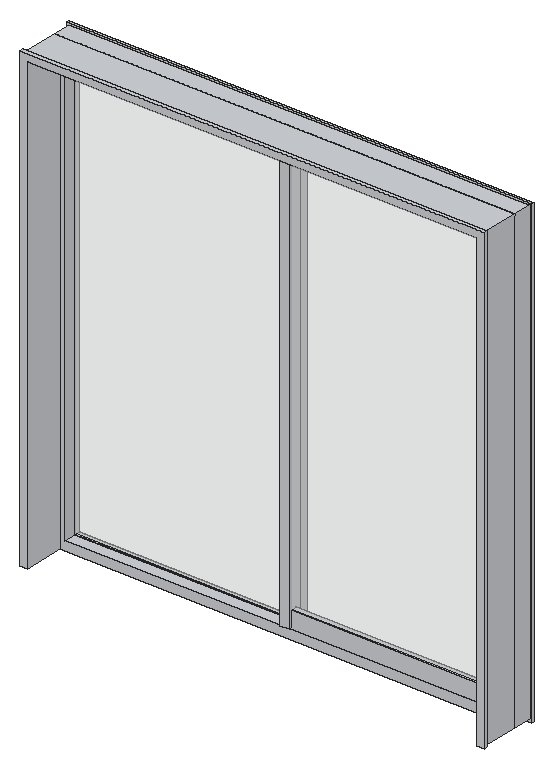
Revit family "APL Residential Thermal Heart Sliding Door SF", category Doors, host Wall, Revit 2017 (continued)
Definition of nested family "APL Residential Thermal Heart Sliding Door SF Vertical Section"
  Definition of nested family "Sill Two Panel"
    Definition of nested family "65470_Door Sill Rail"
      Text (mm)
        text "65470" at (43.128, 87.494, 0), in view "Ref. Level"
    Definition of nested family "65380_Frame Sill"
      Reference planes
        plane 1 "Center (Front/Back)": y = 0
        plane 2: z = 0
        plane 3 "Center (Left/Right)": x = 0
      Lines and regions (mm)
        detail lines, in view "Ref. Level"
          curve 1: line (64.2, 16.468, 0) -> (65.701, 16.468, 0)
          curve 2: line (64.2, 22.468, 0) -> (65.7, 22.468, 0)
          curve 3: line (27.5, 8.7, 0) -> (29.442, 8.7, 0)
          curve 4: line (27.5, 14.7, 0) -> (29.4, 14.7, 0)
          curve 5: line (13.3, 8.6, 0) -> (15.2, 8.6, 0)
          curve 6: line (13.3, 14.6, 0) -> (15.2, 14.6, 0)
          curve 7: arc (10.8, 6.498, 0) -> (11.356, 7.843, 0) -> (12.7, 8.4, 0) r 1.9
          curve 8: arc (13.1, 8.4, 0) -> (13.241, 8.459, 0) -> (13.3, 8.6, 0) r 0.2
          curve 9: arc (13.3, 15.4, 0) -> (13.241, 15.542, 0) -> (13.1, 15.6, 0) r 0.2
          curve 10: arc (11, 15.6, 0) -> (10.859, 15.659, 0) -> (10.8, 15.8, 0) r 0.2
          curve 11: arc (10.8, 16.283, 0) -> (10.741, 16.425, 0) -> (10.6, 16.483, 0) r 0.2
          curve 12: arc (1.9, 16.483, 0) -> (1.546, 16.337, 0) -> (1.4, 15.983, 0) r 0.5
          curve 13: arc (1.4, 2.245, 0) -> (1.521, 1.632, 0) -> (1.869, 1.111, 0) r 1.6
          curve 14: arc (6.387, -3.407, 0) -> (6.711, -3.624, 0) -> (7.094, -3.7, 0) r 1
          curve 15: arc (9.8, -3.7, 0) -> (10.507, -3.407, 0) -> (10.8, -2.7, 0) r 1
          curve 16: arc (1.665, 23.622, 0) -> (1.729, 23.522, 0) -> (1.725, 23.403, 0) r 0.2
          curve 17: arc (1.725, 23.403, 0) -> (1.621, 23.234, 0) -> (1.453, 23.127, 0) r 0.45
          curve 18: arc (1.453, 23.127, 0) -> (1.357, 23.053, 0) -> (1.322, 22.936, 0) r 0.2
          curve 19: arc (1.379, 18.081, 0) -> (1.438, 17.941, 0) -> (1.579, 17.883, 0) r 0.2
          curve 20: arc (10.6, 17.883, 0) -> (10.741, 17.942, 0) -> (10.8, 18.083, 0) r 0.2
          curve 21: arc (10.8, 22.172, 0) -> (10.773, 22.272, 0) -> (10.7, 22.346, 0) r 0.2
          curve 22: arc (9.6, 22.981, 0) -> (9.38, 23.2, 0) -> (9.3, 23.5, 0) r 0.6
          curve 23: arc (9.3, 23.8, 0) -> (9.359, 23.942, 0) -> (9.5, 24, 0) r 0.2
          curve 24: arc (13.617, 24, 0) -> (13.922, 23.801, 0) -> (14.195, 24.043, 0) r 0.3
          curve 25: arc (14.195, 24.043, 0) -> (14.261, 24.181, 0) -> (14.387, 24.269, 0) r 0.3
          curve 26: arc (15.797, 24.782, 0) -> (16.083, 24.738, 0) -> (16.199, 24.474, 0) r 0.3
          curve 27: arc (15.992, 22.109, 0) -> (15.965, 22.008, 0) -> (15.905, 21.923, 0) r 0.3
          curve 28: arc (15.541, 21.559, 0) -> (15.348, 21.507, 0) -> (15.207, 21.648, 0) r 0.2
          curve 29: arc (15.162, 21.816, 0) -> (15.11, 21.905, 0) -> (15.021, 21.957, 0) r 0.2
          curve 30: arc (12.8, 22.5, 0) -> (12.52, 22.307, 0) -> (12.6, 21.977, 0) r 0.3
          curve 31: arc (12.6, 21.977, 0) -> (12.674, 21.875, 0) -> (12.7, 21.753, 0) r 0.3
          curve 32: arc (12.506, 17.75, 0) -> (12.542, 17.578, 0) -> (12.7, 17.5, 0) r 0.2
          curve 33: arc (13.221, 17.5, 0) -> (13.302, 17.511, 0) -> (13.377, 17.544, 0) r 0.3
          curve 34: arc (14.631, 18.309, 0) -> (14.628, 18.479, 0) -> (14.734, 18.611, 0) r 0.25
          curve 35: arc (14.82, 18.664, 0) -> (15.072, 18.668, 0) -> (15.2, 18.45, 0) r 0.25
          curve 36: arc (15.2, 8.6, 0) -> (15.259, 8.459, 0) -> (15.4, 8.4, 0) r 0.2
          curve 37: arc (16.479, 8.4, 0) -> (16.643, 8.315, 0) -> (16.667, 8.132, 0) r 0.2
          curve 38: arc (15.775, 5.682, 0) -> (15.702, 5.586, 0) -> (15.587, 5.55, 0) r 0.2
          curve 39: arc (15.353, 5.55, 0) -> (15.248, 5.52, 0) -> (15.174, 5.439, 0) r 0.2
          curve 40: arc (15.174, 5.439, 0) -> (15.019, 5.31, 0) -> (14.82, 5.337, 0) r 0.25
          curve 41: arc (14.734, 5.389, 0) -> (14.628, 5.521, 0) -> (14.631, 5.691, 0) r 0.25
          curve 42: arc (13.377, 6.456, 0) -> (13.302, 6.489, 0) -> (13.221, 6.5, 0) r 0.3
          curve 43: arc (12.7, 6.5, 0) -> (12.542, 6.423, 0) -> (12.506, 6.25, 0) r 0.2
          curve 44: arc (12.7, 2.247, 0) -> (12.674, 2.125, 0) -> (12.6, 2.024, 0) r 0.3
          curve 45: arc (12.6, 2.024, 0) -> (12.52, 1.693, 0) -> (12.8, 1.5, 0) r 0.3
          curve 46: arc (15.021, 2.043, 0) -> (15.11, 2.095, 0) -> (15.162, 2.185, 0) r 0.2
          curve 47: arc (15.207, 2.352, 0) -> (15.348, 2.493, 0) -> (15.541, 2.442, 0) r 0.2
          curve 48: arc (15.905, 2.078, 0) -> (15.965, 1.993, 0) -> (15.992, 1.892, 0) r 0.3
          curve 49: arc (16.199, -0.474, 0) -> (16.083, -0.738, 0) -> (15.797, -0.782, 0) r 0.3
          curve 50: arc (14.387, -0.268, 0) -> (14.261, -0.181, 0) -> (14.195, -0.043, 0) r 0.3
          curve 51: arc (14.195, -0.043, 0) -> (13.922, 0.199, 0) -> (13.617, 0, 0) r 0.3
          curve 52: arc (12.6, 0, 0) -> (12.459, -0.058, 0) -> (12.4, -0.2, 0) r 0.2
          curve 53: arc (12.4, -2.696, 0) -> (11.64, -4.537, 0) -> (9.8, -5.3, 0) r 2.6
          curve 54: arc (7.9, -5.3, 0) -> (7.547, -5.446, 0) -> (7.4, -5.8, 0) r 0.5
          curve 55: arc (7.4, -13.402, 0) -> (7.508, -13.581, 0) -> (7.716, -13.566, 0) r 0.2
          curve 56: arc (7.716, -13.566, 0) -> (8.721, -13.692, 0) -> (8.684, -14.705, 0) r 0.75
          curve 57: arc (8.684, -14.705, 0) -> (8.15, -16.005, 0) -> (8.684, -17.305, 0) r 1.85
          curve 58: arc (8.684, -17.305, 0) -> (8.794, -17.447, 0) -> (8.867, -17.611, 0) r 0.75
          curve 59: arc (8.867, -17.611, 0) -> (8.97, -17.795, 0) -> (9.14, -17.921, 0) r 0.5
          curve 60: arc (9.14, -17.921, 0) -> (10, -18.105, 0) -> (10.86, -17.921, 0) r 2.1
          curve 61: arc (10.86, -17.921, 0) -> (11.03, -17.795, 0) -> (11.133, -17.611, 0) r 0.5
          curve 62: arc (11.133, -17.611, 0) -> (11.206, -17.447, 0) -> (11.316, -17.305, 0) r 0.75
          curve 63: arc (11.316, -17.305, 0) -> (11.85, -16.005, 0) -> (11.316, -14.705, 0) r 1.85
          curve 64: arc (11.316, -14.705, 0) -> (11.323, -13.644, 0) -> (12.384, -13.651, 0) r 0.75
          curve 65: arc (12.384, -13.651, 0) -> (13.348, -15.881, 0) -> (12.551, -18.176, 0) r 3.35
          curve 66: arc (12.551, -18.176, 0) -> (12.478, -18.71, 0) -> (12.932, -19, 0) r 0.5
          curve 67: arc (13.15, -19, 0) -> (13.291, -19.058, 0) -> (13.35, -19.2, 0) r 0.2
          curve 68: arc (13.35, -19.5, 0) -> (13.204, -19.853, 0) -> (12.85, -20, 0) r 0.5
          curve 69: arc (7, -20, 0) -> (6.293, -19.707, 0) -> (6, -19, 0) r 1
          curve 70: arc (6, -6.242, 0) -> (5.772, -5.094, 0) -> (5.121, -4.121, 0) r 3
          curve 71: arc (0.879, 0.122, 0) -> (0.228, 1.095, 0) -> (0, 2.243, 0) r 3
          curve 72: arc (0, 23.8, 0) -> (0.059, 23.942, 0) -> (0.2, 24, 0) r 0.2
          curve 73: line (10.8, -2.7, 0) -> (10.8, 6.498, 0)
          curve 74: line (12.7, 8.4, 0) -> (13.1, 8.4, 0)
          curve 75: line (13.1, 15.6, 0) -> (11, 15.6, 0)
          curve 76: line (10.8, 15.8, 0) -> (10.8, 16.283, 0)
          curve 77: line (10.6, 16.483, 0) -> (1.9, 16.483, 0)
          curve 78: line (1.4, 15.983, 0) -> (1.4, 2.245, 0)
          curve 79: line (1.869, 1.111, 0) -> (6.387, -3.407, 0)
          curve 80: line (7.094, -3.7, 0) -> (9.8, -3.7, 0)
          curve 81: line (1.322, 22.936, 0) -> (1.379, 18.081, 0)
          curve 82: line (1.579, 17.883, 0) -> (10.6, 17.883, 0)
          curve 83: line (10.8, 18.083, 0) -> (10.8, 22.172, 0)
          curve 84: line (10.7, 22.346, 0) -> (9.6, 22.981, 0)
          curve 85: line (9.3, 23.5, 0) -> (9.3, 23.8, 0)
          curve 86: line (9.5, 24, 0) -> (13.617, 24, 0)
          curve 87: line (14.387, 24.269, 0) -> (15.797, 24.782, 0)
          curve 88: line (16.199, 24.474, 0) -> (15.992, 22.109, 0)
          curve 89: line (15.905, 21.923, 0) -> (15.541, 21.559, 0)
          curve 90: line (15.207, 21.648, 0) -> (15.162, 21.816, 0)
          curve 91: line (15.021, 21.957, 0) -> (13.032, 22.49, 0)
          curve 92: line (12.7, 21.753, 0) -> (12.7, 18.526, 0)
          curve 93: line (12.7, 18.5, 0) -> (12.506, 17.75, 0)
          curve 94: line (12.7, 17.5, 0) -> (13.221, 17.5, 0)
          curve 95: line (13.377, 17.544, 0) -> (14.631, 18.309, 0)
          curve 96: line (15.2, 18.45, 0) -> (15.2, 16.875, 0)
          curve 97: line (15.2, 16.875, 0) -> (15.2, 8.6, 0)
          curve 98: line (15.2, 8.6, 0) -> (13.3, 8.6, 0)
          curve 99: line (13.3, 8.6, 0) -> (13.3, 15.4, 0)
          curve 100: line (15.4, 8.4, 0) -> (16.479, 8.4, 0)
          curve 101: line (16.667, 8.132, 0) -> (15.775, 5.682, 0)
          curve 102: line (15.587, 5.55, 0) -> (15.353, 5.55, 0)
          curve 103: line (14.631, 5.691, 0) -> (13.377, 6.456, 0)
          curve 104: line (13.221, 6.5, 0) -> (12.7, 6.5, 0)
          curve 105: line (12.506, 6.25, 0) -> (12.7, 5.5, 0)
          curve 106: line (12.7, 5.475, 0) -> (12.7, 2.247, 0)
          curve 107: line (13.032, 1.51, 0) -> (15.021, 2.043, 0)
          curve 108: line (15.162, 2.185, 0) -> (15.207, 2.352, 0)
          curve 109: line (15.541, 2.442, 0) -> (15.905, 2.078, 0)
          curve 110: line (15.992, 1.892, 0) -> (16.199, -0.474, 0)
          curve 111: line (15.797, -0.782, 0) -> (14.387, -0.268, 0)
          curve 112: line (13.617, 0, 0) -> (12.6, 0, 0)
          curve 113: line (12.4, -0.2, 0) -> (12.4, -2.696, 0)
          curve 114: line (9.8, -5.3, 0) -> (7.9, -5.3, 0)
          curve 115: line (7.4, -5.8, 0) -> (7.4, -13.402, 0)
          curve 116: line (12.932, -19, 0) -> (13.15, -19, 0)
          curve 117: line (13.35, -19.2, 0) -> (13.35, -19.5, 0)
          curve 118: line (12.85, -20, 0) -> (7, -20, 0)
          curve 119: line (6, -19, 0) -> (6, -6.242, 0)
          curve 120: line (5.121, -4.121, 0) -> (0.879, 0.122, 0)
          curve 121: line (0, 2.243, 0) -> (0, 23.8, 0)
          curve 122: line (0.2, 24, 0) -> (1.141, 24, 0)
          curve 123: line (1.269, 23.953, 0) -> (1.665, 23.622, 0)
          curve 124: line (13.3, 14.6, 0) -> (15.2, 14.6, 0)
          curve 125: arc (64.2, 16.468, 0) -> (64.076, 16.138, 0) -> (63.765, 15.972, 0) r 0.5
          curve 126: arc (63.765, 15.972, 0) -> (62.349, 15.442, 0) -> (61.309, 14.343, 0) r 3.35
          curve 127: arc (61.309, 14.343, 0) -> (61.577, 13.317, 0) -> (62.604, 13.585, 0) r 0.75
          curve 128: arc (62.604, 13.585, 0) -> (63.721, 14.437, 0) -> (65.115, 14.258, 0) r 1.85
          curve 129: arc (65.115, 14.258, 0) -> (65.281, 14.189, 0) -> (65.459, 14.161, 0) r 0.75
          curve 130: arc (65.459, 14.161, 0) -> (65.663, 14.108, 0) -> (65.828, 13.977, 0) r 0.5
          curve 131: arc (65.828, 13.977, 0) -> (66.3, 12.65, 0) -> (65.828, 11.324, 0) r 2.1
          curve 132: arc (65.828, 11.324, 0) -> (65.663, 11.192, 0) -> (65.459, 11.14, 0) r 0.5
          curve 133: arc (65.459, 11.14, 0) -> (65.281, 11.112, 0) -> (65.115, 11.042, 0) r 0.75
          curve 134: arc (65.115, 11.042, 0) -> (64.2, 10.8, 0) -> (63.285, 11.042, 0) r 1.85
          curve 135: arc (63.285, 11.042, 0) -> (62.738, 11.119, 0) -> (62.286, 10.8, 0) r 0.75
          curve 136: arc (39.189, 9.622, 0) -> (38.199, 9.316, 0) -> (37.363, 8.704, 0) r 3.126
          curve 137: arc (37.363, 8.704, 0) -> (37.013, 8.479, 0) -> (36.605, 8.4, 0) r 1.1
          curve 138: arc (29.901, 8.4, 0) -> (29.547, 8.546, 0) -> (29.4, 8.9, 0) r 0.5
          curve 139: arc (29.4, 22, 0) -> (29.546, 22.354, 0) -> (29.9, 22.5, 0) r 0.5
          curve 140: arc (44.4, 22.5, 0) -> (45.602, 22.998, 0) -> (46.1, 24.2, 0) r 1.7
          curve 141: arc (46.147, 35.534, 0) -> (46.409, 35.986, 0) -> (46.5, 36.5, 0) r 1.5
          curve 142: arc (46.5, 41.1, 0) -> (46.646, 41.454, 0) -> (47, 41.6, 0) r 0.5
          curve 143: arc (65.699, 41.6, 0) -> (66.053, 41.454, 0) -> (66.2, 41.1, 0) r 0.5
          curve 144: arc (66.2, 32, 0) -> (65.978, 30.526, 0) -> (65.33, 29.183, 0) r 5
          curve 145: arc (65.33, 29.183, 0) -> (64.489, 27.436, 0) -> (64.2, 25.519, 0) r 6.5
          curve 146: arc (27.317, 8.501, 0) -> (27.447, 8.565, 0) -> (27.5, 8.7, 0) r 0.2
          curve 147: arc (23.754, 8.189, 0) -> (23.602, 8.097, 0) -> (23.583, 7.922, 0) r 0.2
          curve 148: arc (24.399, 5.679, 0) -> (24.668, 5.392, 0) -> (25.06, 5.388, 0) r 0.5
          curve 149: arc (25.06, 5.388, 0) -> (25.211, 5.303, 0) -> (25.38, 5.337, 0) r 0.25
          curve 150: arc (25.466, 5.389, 0) -> (25.572, 5.521, 0) -> (25.569, 5.691, 0) r 0.25
          curve 151: arc (26.823, 6.456, 0) -> (26.898, 6.489, 0) -> (26.979, 6.5, 0) r 0.3
          curve 152: arc (27.5, 6.5, 0) -> (27.658, 6.423, 0) -> (27.694, 6.25, 0) r 0.2
          curve 153: arc (27.5, 2.247, 0) -> (27.526, 2.125, 0) -> (27.6, 2.024, 0) r 0.3
          curve 154: arc (27.6, 2.024, 0) -> (27.68, 1.693, 0) -> (27.4, 1.5, 0) r 0.3
          curve 155: arc (25.179, 2.043, 0) -> (25.09, 2.095, 0) -> (25.038, 2.185, 0) r 0.2
          curve 156: arc (24.993, 2.352, 0) -> (24.852, 2.493, 0) -> (24.659, 2.442, 0) r 0.2
          curve 157: arc (24.295, 2.078, 0) -> (24.235, 1.993, 0) -> (24.208, 1.892, 0) r 0.3
          curve 158: arc (24.001, -0.474, 0) -> (24.117, -0.738, 0) -> (24.403, -0.782, 0) r 0.3
          curve 159: arc (25.813, -0.268, 0) -> (25.939, -0.181, 0) -> (26.005, -0.043, 0) r 0.3
          curve 160: arc (26.005, -0.043, 0) -> (26.278, 0.199, 0) -> (26.583, 0, 0) r 0.3
          curve 161: arc (28.9, 0, 0) -> (29.254, 0.147, 0) -> (29.4, 0.5, 0) r 0.5
          curve 162: arc (29.4, 6.1, 0) -> (29.546, 6.454, 0) -> (29.9, 6.6, 0) r 0.499
          curve 163: arc (37.767, 6.6, 0) -> (38.931, 6.835, 0) -> (39.913, 7.503, 0) r 2.996
          curve 164: arc (39.913, 7.503, 0) -> (40.232, 7.731, 0) -> (40.611, 7.831, 0) r 1.1
          curve 165: arc (68.1, 8.9, 0) -> (68.241, 8.842, 0) -> (68.3, 8.7, 0) r 0.2
          curve 166: arc (68.3, 0.5, 0) -> (68.446, 0.147, 0) -> (68.8, 0, 0) r 0.5
          curve 167: arc (71.117, 0, 0) -> (71.422, 0.199, 0) -> (71.695, -0.043, 0) r 0.3
          curve 168: arc (71.695, -0.043, 0) -> (71.761, -0.181, 0) -> (71.887, -0.268, 0) r 0.3
          curve 169: arc (73.297, -0.782, 0) -> (73.583, -0.738, 0) -> (73.699, -0.474, 0) r 0.3
          curve 170: arc (73.492, 1.892, 0) -> (73.465, 1.993, 0) -> (73.405, 2.078, 0) r 0.3
          curve 171: arc (73.041, 2.442, 0) -> (72.848, 2.493, 0) -> (72.707, 2.352, 0) r 0.2
          curve 172: arc (72.662, 2.185, 0) -> (72.61, 2.095, 0) -> (72.521, 2.043, 0) r 0.2
          curve 173: arc (70.3, 1.5, 0) -> (70.02, 1.693, 0) -> (70.1, 2.024, 0) r 0.3
          curve 174: arc (70.1, 2.024, 0) -> (70.174, 2.125, 0) -> (70.2, 2.247, 0) r 0.3
          curve 175: arc (70.006, 6.25, 0) -> (70.042, 6.423, 0) -> (70.2, 6.5, 0) r 0.2
          curve 176: arc (70.721, 6.5, 0) -> (70.802, 6.489, 0) -> (70.877, 6.456, 0) r 0.3
          curve 177: arc (72.131, 5.691, 0) -> (72.128, 5.521, 0) -> (72.234, 5.389, 0) r 0.25
          curve 178: arc (72.32, 5.337, 0) -> (72.572, 5.332, 0) -> (72.7, 5.55, 0) r 0.25
          curve 179: arc (72.7, 7.124, 0) -> (72.618, 7.522, 0) -> (72.385, 7.854, 0) r 1
          curve 180: arc (72.385, 7.854, 0) -> (72.322, 8, 0) -> (72.385, 8.146, 0) r 0.2
          curve 181: arc (72.385, 8.146, 0) -> (72.618, 8.478, 0) -> (72.7, 8.875, 0) r 1
          curve 182: arc (72.7, 10.449, 0) -> (72.573, 10.668, 0) -> (72.32, 10.664, 0) r 0.25
          curve 183: arc (72.234, 10.612, 0) -> (72.128, 10.479, 0) -> (72.131, 10.309, 0) r 0.25
          curve 184: arc (70.877, 9.544, 0) -> (70.802, 9.511, 0) -> (70.721, 9.5, 0) r 0.3
          curve 185: arc (70.2, 9.5, 0) -> (70.042, 9.578, 0) -> (70.006, 9.75, 0) r 0.2
          curve 186: arc (70.2, 13.754, 0) -> (70.174, 13.876, 0) -> (70.1, 13.977, 0) r 0.3
          curve 187: arc (70.1, 13.977, 0) -> (70.02, 14.307, 0) -> (70.3, 14.5, 0) r 0.3
          curve 188: arc (72.521, 13.957, 0) -> (72.61, 13.905, 0) -> (72.662, 13.816, 0) r 0.2
          curve 189: arc (72.707, 13.648, 0) -> (72.848, 13.507, 0) -> (73.041, 13.559, 0) r 0.2
          curve 190: arc (73.405, 13.923, 0) -> (73.465, 14.008, 0) -> (73.492, 14.109, 0) r 0.3
          curve 191: arc (73.699, 16.474, 0) -> (73.583, 16.738, 0) -> (73.297, 16.782, 0) r 0.3
          curve 192: arc (71.887, 16.269, 0) -> (71.761, 16.181, 0) -> (71.695, 16.043, 0) r 0.3
          curve 193: arc (71.695, 16.043, 0) -> (71.422, 15.801, 0) -> (71.117, 16, 0) r 0.3
          curve 194: arc (66.201, 16, 0) -> (65.847, 16.146, 0) -> (65.7, 16.5, 0) r 0.5
          curve 195: arc (65.7, 25.519, 0) -> (65.922, 26.994, 0) -> (66.57, 28.337, 0) r 5
          curve 196: arc (66.57, 28.337, 0) -> (67.411, 30.083, 0) -> (67.7, 32, 0) r 6.5
          curve 197: arc (67.7, 33.1, 0) -> (67.759, 33.242, 0) -> (67.9, 33.3, 0) r 0.2
          curve 198: arc (69.3, 33.3, 0) -> (69.441, 33.242, 0) -> (69.5, 33.1, 0) r 0.2
          curve 199: arc (69.5, 32.8, 0) -> (70, 32.299, 0) -> (70.5, 32.8, 0) r 0.5
          curve 200: arc (70.5, 35.351, 0) -> (69.999, 35.85, 0) -> (69.5, 35.35, 0) r 0.5
          curve 201: arc (69.5, 34.5, 0) -> (69.441, 34.359, 0) -> (69.3, 34.3, 0) r 0.2
          curve 202: arc (67.9, 34.3, 0) -> (67.759, 34.359, 0) -> (67.7, 34.5, 0) r 0.2
          curve 203: arc (67.7, 41.8, 0) -> (67.759, 41.942, 0) -> (67.9, 42, 0) r 0.2
          curve 204: arc (69.3, 42, 0) -> (69.441, 41.942, 0) -> (69.5, 41.8, 0) r 0.2
          curve 205: arc (69.5, 40.95, 0) -> (70, 40.449, 0) -> (70.5, 40.95, 0) r 0.5
          curve 206: arc (70.5, 42.499, 0) -> (70.354, 42.853, 0) -> (70, 43, 0) r 0.5
          curve 207: arc (42.7, 43, 0) -> (42.559, 42.942, 0) -> (42.5, 42.8, 0) r 0.2
          curve 208: arc (42.5, 41.25, 0) -> (43, 40.75, 0) -> (43.5, 41.25, 0) r 0.5
          curve 209: arc (43.5, 41.8, 0) -> (43.559, 41.942, 0) -> (43.7, 42, 0) r 0.2
          curve 210: arc (44.8, 42, 0) -> (44.941, 41.942, 0) -> (45, 41.8, 0) r 0.2
          curve 211: arc (45, 36.7, 0) -> (44.941, 36.559, 0) -> (44.8, 36.5, 0) r 0.2
          curve 212: arc (43.7, 36.5, 0) -> (43.559, 36.559, 0) -> (43.5, 36.7, 0) r 0.2
          curve 213: arc (43.5, 37.25, 0) -> (43, 37.749, 0) -> (42.5, 37.25, 0) r 0.5
          curve 214: arc (42.5, 36.5, 0) -> (42.793, 35.793, 0) -> (43.5, 35.5, 0) r 1
          curve 215: arc (44.395, 35.5, 0) -> (44.539, 35.443, 0) -> (44.6, 35.3, 0) r 0.202
          curve 216: arc (44.6, 24.2, 0) -> (44.538, 24.058, 0) -> (44.395, 24, 0) r 0.205
          curve 217: arc (26.583, 24, 0) -> (26.278, 23.801, 0) -> (26.005, 24.043, 0) r 0.3
          curve 218: arc (26.005, 24.043, 0) -> (25.939, 24.181, 0) -> (25.813, 24.269, 0) r 0.3
          curve 219: arc (24.403, 24.782, 0) -> (24.117, 24.738, 0) -> (24.001, 24.474, 0) r 0.3
          curve 220: arc (24.208, 22.109, 0) -> (24.235, 22.008, 0) -> (24.295, 21.923, 0) r 0.3
          curve 221: arc (24.659, 21.559, 0) -> (24.852, 21.507, 0) -> (24.993, 21.648, 0) r 0.2
          curve 222: arc (25.038, 21.816, 0) -> (25.09, 21.905, 0) -> (25.179, 21.957, 0) r 0.2
          curve 223: arc (27.4, 22.5, 0) -> (27.68, 22.307, 0) -> (27.6, 21.977, 0) r 0.3
          curve 224: arc (27.6, 21.977, 0) -> (27.526, 21.875, 0) -> (27.5, 21.753, 0) r 0.3
          curve 225: arc (27.694, 17.75, 0) -> (27.658, 17.578, 0) -> (27.5, 17.5, 0) r 0.2
          curve 226: arc (26.979, 17.5, 0) -> (26.898, 17.511, 0) -> (26.823, 17.544, 0) r 0.3
          curve 227: arc (25.569, 18.309, 0) -> (25.572, 18.479, 0) -> (25.466, 18.612, 0) r 0.25
          curve 228: arc (25.38, 18.664, 0) -> (25.128, 18.668, 0) -> (25, 18.45, 0) r 0.25
          curve 229: arc (25, 16.875, 0) -> (25.128, 16.385, 0) -> (25.479, 16.021, 0) r 1
          curve 230: line (64.2, 22.468, 0) -> (65.7, 22.468, 0)
          curve 231: line (62.286, 10.8, 0) -> (53.629, 10.8, 0)
          curve 232: line (53.629, 10.8, 0) -> (39.189, 9.622, 0)
          curve 233: line (36.605, 8.4, 0) -> (29.901, 8.4, 0)
          curve 234: line (29.4, 8.9, 0) -> (29.4, 22, 0)
          curve 235: line (29.9, 22.5, 0) -> (44.4, 22.5, 0)
          curve 236: line (46.1, 24.2, 0) -> (46.1, 35.405, 0)
          curve 237: line (46.5, 36.5, 0) -> (46.5, 41.1, 0)
          curve 238: line (47, 41.6, 0) -> (65.699, 41.6, 0)
          curve 239: line (66.2, 41.1, 0) -> (66.2, 32, 0)
          curve 240: line (64.2, 25.519, 0) -> (64.2, 16.468, 0)
          curve 241: line (64.2, 16.468, 0) -> (65.701, 16.468, 0)
          curve 242: line (27.5, 14.7, 0) -> (29.4, 14.7, 0)
          curve 243: line (27.317, 8.501, 0) -> (23.754, 8.189, 0)
          curve 244: line (23.583, 7.922, 0) -> (24.399, 5.679, 0)
          curve 245: line (25.569, 5.691, 0) -> (26.823, 6.456, 0)
          curve 246: line (26.979, 6.5, 0) -> (27.5, 6.5, 0)
          curve 247: line (27.694, 6.25, 0) -> (27.5, 5.5, 0)
          curve 248: line (27.5, 5.475, 0) -> (27.5, 2.247, 0)
          curve 249: line (27.168, 1.51, 0) -> (25.179, 2.043, 0)
          curve 250: line (25.038, 2.185, 0) -> (24.993, 2.352, 0)
          curve 251: line (24.659, 2.442, 0) -> (24.295, 2.078, 0)
          curve 252: line (24.208, 1.892, 0) -> (24.001, -0.474, 0)
          curve 253: line (24.403, -0.782, 0) -> (25.813, -0.268, 0)
          curve 254: line (26.583, 0, 0) -> (28.9, 0, 0)
          curve 255: line (29.4, 0.5, 0) -> (29.4, 6.1, 0)
          curve 256: line (29.9, 6.6, 0) -> (33.5, 6.6, 0)
          curve 257: line (33.5, 6.6, 0) -> (33.9, 7, 0)
          curve 258: line (33.9, 7, 0) -> (34.3, 6.6, 0)
          curve 259: line (34.3, 6.6, 0) -> (37.767, 6.6, 0)
          curve 260: line (40.611, 7.831, 0) -> (53.707, 8.9, 0)
          curve 261: line (53.707, 8.9, 0) -> (58.307, 8.9, 0)
          curve 262: line (58.307, 8.9, 0) -> (58.707, 9.3, 0)
          curve 263: line (58.707, 9.3, 0) -> (59.107, 8.9, 0)
          curve 264: line (59.107, 8.9, 0) -> (68.1, 8.9, 0)
          curve 265: line (68.3, 8.7, 0) -> (68.3, 0.5, 0)
          curve 266: line (68.8, 0, 0) -> (71.117, 0, 0)
          curve 267: line (71.887, -0.268, 0) -> (73.297, -0.782, 0)
          curve 268: line (73.699, -0.474, 0) -> (73.492, 1.892, 0)
          curve 269: line (73.405, 2.078, 0) -> (73.041, 2.442, 0)
          curve 270: line (72.707, 2.352, 0) -> (72.662, 2.185, 0)
          curve 271: line (72.521, 2.043, 0) -> (70.532, 1.51, 0)
          curve 272: line (70.2, 2.247, 0) -> (70.2, 5.475, 0)
          curve 273: line (70.2, 5.5, 0) -> (70.006, 6.25, 0)
          curve 274: line (70.2, 6.5, 0) -> (70.721, 6.5, 0)
          curve 275: line (70.877, 6.456, 0) -> (72.131, 5.691, 0)
          curve 276: line (72.7, 5.55, 0) -> (72.7, 7.124, 0)
          curve 277: line (72.7, 8.875, 0) -> (72.7, 10.449, 0)
          curve 278: line (72.131, 10.309, 0) -> (70.877, 9.544, 0)
          curve 279: line (70.721, 9.5, 0) -> (70.2, 9.5, 0)
          curve 280: line (70.006, 9.75, 0) -> (70.2, 10.5, 0)
          curve 281: line (70.2, 10.526, 0) -> (70.2, 13.753, 0)
          curve 282: line (70.532, 14.49, 0) -> (72.521, 13.957, 0)
          curve 283: line (72.662, 13.816, 0) -> (72.707, 13.648, 0)
          curve 284: line (73.041, 13.559, 0) -> (73.405, 13.923, 0)
          curve 285: line (73.492, 14.109, 0) -> (73.699, 16.474, 0)
          curve 286: line (73.297, 16.782, 0) -> (71.887, 16.269, 0)
          curve 287: line (71.117, 16, 0) -> (66.201, 16, 0)
          curve 288: line (65.7, 16.5, 0) -> (65.7, 25.519, 0)
          curve 289: line (67.7, 32, 0) -> (67.7, 33.1, 0)
          curve 290: line (67.9, 33.3, 0) -> (69.3, 33.3, 0)
          curve 291: line (69.5, 33.1, 0) -> (69.5, 32.8, 0)
          curve 292: line (70.5, 32.8, 0) -> (70.5, 35.351, 0)
          curve 293: line (69.5, 35.35, 0) -> (69.5, 34.5, 0)
          curve 294: line (69.3, 34.3, 0) -> (67.9, 34.3, 0)
          curve 295: line (67.7, 34.5, 0) -> (67.7, 41.8, 0)
          curve 296: line (67.9, 42, 0) -> (69.3, 42, 0)
          curve 297: line (69.5, 41.8, 0) -> (69.5, 40.95, 0)
          curve 298: line (70.5, 40.95, 0) -> (70.5, 42.499, 0)
          curve 299: line (70, 43, 0) -> (42.7, 43, 0)
          curve 300: line (42.5, 42.8, 0) -> (42.5, 41.25, 0)
          curve 301: line (43.5, 41.25, 0) -> (43.5, 41.8, 0)
          curve 302: line (43.7, 42, 0) -> (44.8, 42, 0)
          curve 303: line (45, 41.8, 0) -> (45, 36.7, 0)
          curve 304: line (44.8, 36.5, 0) -> (43.7, 36.5, 0)
          curve 305: line (43.5, 36.7, 0) -> (43.5, 37.25, 0)
          curve 306: line (42.5, 37.25, 0) -> (42.5, 36.5, 0)
          curve 307: line (43.5, 35.5, 0) -> (44.395, 35.5, 0)
          curve 308: line (44.6, 35.3, 0) -> (44.6, 24.2, 0)
          curve 309: line (44.395, 24, 0) -> (34.3, 24, 0)
          curve 310: line (34.3, 24, 0) -> (33.9, 23.6, 0)
          curve 311: line (33.9, 23.6, 0) -> (33.5, 24, 0)
          curve 312: line (33.5, 24, 0) -> (26.583, 24, 0)
          curve 313: line (25.813, 24.269, 0) -> (24.403, 24.782, 0)
          curve 314: line (24.001, 24.474, 0) -> (24.208, 22.109, 0)
          curve 315: line (24.295, 21.923, 0) -> (24.659, 21.559, 0)
          curve 316: line (24.993, 21.648, 0) -> (25.038, 21.816, 0)
          curve 317: line (25.179, 21.957, 0) -> (27.168, 22.49, 0)
          curve 318: line (27.5, 21.753, 0) -> (27.5, 18.526, 0)
          curve 319: line (27.5, 18.5, 0) -> (27.694, 17.75, 0)
          curve 320: line (27.5, 17.5, 0) -> (26.979, 17.5, 0)
          curve 321: line (26.823, 17.544, 0) -> (25.569, 18.309, 0)
          curve 322: line (25, 18.45, 0) -> (25, 16.875, 0)
          curve 323: line (25.479, 16.021, 0) -> (26.284, 15.53, 0)
          curve 324: line (26.389, 15.5, 0) -> (27.5, 15.5, 0)
          curve 325: line (27.5, 15.5, 0) -> (27.5, 8.7, 0)
          curve 326: line (27.5, 8.7, 0) -> (29.442, 8.7, 0)
          curve 327: arc (113.4, 35.877, 0) -> (113.327, 35.95, 0) -> (113.3, 36.05, 0) r 0.2
          curve 328: arc (113.3, 40.25, 0) -> (113.327, 40.35, 0) -> (113.4, 40.423, 0) r 0.2
          curve 329: arc (113.4, 40.423, 0) -> (113.473, 40.497, 0) -> (113.5, 40.597, 0) r 0.2
          curve 330: arc (113.5, 41.8, 0) -> (113.441, 41.942, 0) -> (113.3, 42, 0) r 0.2
          curve 331: arc (111.701, 42, 0) -> (111.559, 41.942, 0) -> (111.5, 41.8, 0) r 0.2
          curve 332: arc (111.5, 40.95, 0) -> (111, 40.451, 0) -> (110.5, 40.95, 0) r 0.5
          curve 333: arc (110.5, 42.5, 0) -> (110.646, 42.854, 0) -> (111, 43, 0) r 0.499
          curve 334: arc (114.5, 43, 0) -> (114.847, 42.848, 0) -> (115, 42.5, 0) r 0.523
          curve 335: arc (115, 21.5, 0) -> (114.856, 21.145, 0) -> (114.5, 21, 0) r 0.493
          curve 336: arc (111.7, 21, 0) -> (111.558, 20.942, 0) -> (111.5, 20.8, 0) r 0.199
          curve 337: arc (111.5, 13.2, 0) -> (110.852, 11.56, 0) -> (109.258, 10.805, 0) r 2.399
          curve 338: arc (109.258, 10.805, 0) -> (108.878, 10.589, 0) -> (108.814, 10.156, 0) r 0.5
          curve 339: arc (108.814, 10.156, 0) -> (109, 8.953, 0) -> (108.816, 7.75, 0) r 4
          curve 340: arc (108.816, 7.75, 0) -> (108.89, 7.304, 0) -> (109.293, 7.1, 0) r 0.5
          curve 341: arc (109.5, 7.1, 0) -> (110.914, 6.514, 0) -> (111.5, 5.1, 0) r 2.001
          curve 342: arc (120.75, 1.5, 0) -> (121.501, 0.747, 0) -> (120.745, 0, 0) r 0.75
          curve 343: arc (111.5, 0, 0) -> (110.439, 0.44, 0) -> (110, 1.5, 0) r 1.5
          curve 344: arc (110, 5, 0) -> (109.941, 5.142, 0) -> (109.8, 5.2, 0) r 0.2
          curve 345: arc (100.5, 5.2, 0) -> (100.146, 5.347, 0) -> (100, 5.7, 0) r 0.5
          curve 346: arc (100, 6.2, 0) -> (100.146, 6.554, 0) -> (100.5, 6.7, 0) r 0.5
          curve 347: arc (101.927, 6.7, 0) -> (102.266, 6.833, 0) -> (102.426, 7.16, 0) r 0.5
          curve 348: arc (102.426, 7.16, 0) -> (102.912, 7.803, 0) -> (103.7, 7.634, 0) r 0.75
          curve 349: arc (103.7, 7.634, 0) -> (105, 7.1, 0) -> (106.3, 7.634, 0) r 1.85
          curve 350: arc (106.3, 7.634, 0) -> (106.442, 7.744, 0) -> (106.607, 7.817, 0) r 0.75
          curve 351: arc (106.607, 7.817, 0) -> (106.791, 7.92, 0) -> (106.916, 8.09, 0) r 0.5
          curve 352: arc (106.916, 8.09, 0) -> (107.1, 8.95, 0) -> (106.916, 9.81, 0) r 2.1
          curve 353: arc (106.916, 9.81, 0) -> (106.791, 9.98, 0) -> (106.607, 10.083, 0) r 0.5
          curve 354: arc (106.607, 10.083, 0) -> (106.442, 10.156, 0) -> (106.3, 10.267, 0) r 0.75
          curve 355: arc (106.3, 10.267, 0) -> (105, 10.8, 0) -> (103.7, 10.267, 0) r 1.85
          curve 356: arc (103.7, 10.267, 0) -> (103.027, 10.065, 0) -> (102.482, 10.509, 0) r 0.75
          curve 357: arc (102.482, 10.509, 0) -> (102.32, 10.716, 0) -> (102.075, 10.812, 0) r 0.5
          curve 358: arc (102.075, 10.812, 0) -> (101.154, 11.141, 0) -> (100.481, 11.85, 0) r 2.1
          curve 359: arc (100.481, 11.85, 0) -> (100.298, 12.033, 0) -> (100.048, 12.1, 0) r 0.5
          curve 360: arc (91.556, 12.1, 0) -> (91.287, 12.022, 0) -> (91.103, 11.812, 0) r 0.5
          curve 361: arc (91.103, 11.812, 0) -> (90.328, 10.929, 0) -> (89.2, 10.6, 0) r 2.1
          curve 362: arc (87.9, 10.6, 0) -> (87.193, 10.307, 0) -> (86.9, 9.6, 0) r 1
          curve 363: arc (86.9, 0.5, 0) -> (86.754, 0.147, 0) -> (86.4, 0, 0) r 0.5
          curve 364: arc (84.083, 0, 0) -> (83.778, 0.199, 0) -> (83.505, -0.043, 0) r 0.3
          curve 365: arc (83.505, -0.043, 0) -> (83.439, -0.181, 0) -> (83.313, -0.268, 0) r 0.3
          curve 366: arc (81.903, -0.782, 0) -> (81.617, -0.738, 0) -> (81.501, -0.474, 0) r 0.3
          curve 367: arc (81.708, 1.892, 0) -> (81.735, 1.993, 0) -> (81.795, 2.078, 0) r 0.3
          curve 368: arc (82.159, 2.442, 0) -> (82.352, 2.493, 0) -> (82.493, 2.352, 0) r 0.2
          curve 369: arc (82.538, 2.185, 0) -> (82.59, 2.095, 0) -> (82.679, 2.043, 0) r 0.2
          curve 370: arc (84.9, 1.5, 0) -> (85.18, 1.693, 0) -> (85.1, 2.024, 0) r 0.3
          curve 371: arc (85.1, 2.024, 0) -> (85.026, 2.125, 0) -> (85, 2.247, 0) r 0.3
          curve 372: arc (85.194, 6.25, 0) -> (85.158, 6.423, 0) -> (85, 6.5, 0) r 0.2
          curve 373: arc (84.479, 6.5, 0) -> (84.398, 6.489, 0) -> (84.323, 6.456, 0) r 0.3
          curve 374: arc (83.069, 5.691, 0) -> (83.072, 5.521, 0) -> (82.966, 5.389, 0) r 0.25
          curve 375: arc (82.88, 5.337, 0) -> (82.628, 5.332, 0) -> (82.5, 5.55, 0) r 0.25
          curve 376: arc (82.5, 7.126, 0) -> (82.582, 7.523, 0) -> (82.815, 7.854, 0) r 1
          curve 377: arc (82.815, 7.854, 0) -> (82.878, 8, 0) -> (82.815, 8.146, 0) r 0.2
          curve 378: arc (82.815, 8.146, 0) -> (82.582, 8.478, 0) -> (82.5, 8.875, 0) r 1
          curve 379: arc (82.5, 10.45, 0) -> (82.628, 10.668, 0) -> (82.88, 10.664, 0) r 0.25
          curve 380: arc (82.966, 10.612, 0) -> (83.072, 10.479, 0) -> (83.069, 10.309, 0) r 0.25
          curve 381: arc (84.323, 9.544, 0) -> (84.398, 9.511, 0) -> (84.479, 9.5, 0) r 0.3
          curve 382: arc (85, 9.5, 0) -> (85.158, 9.578, 0) -> (85.194, 9.75, 0) r 0.2
          curve 383: arc (85, 13.753, 0) -> (85.026, 13.875, 0) -> (85.1, 13.977, 0) r 0.3
          curve 384: arc (85.1, 13.977, 0) -> (85.18, 14.307, 0) -> (84.9, 14.5, 0) r 0.3
          curve 385: arc (82.679, 13.957, 0) -> (82.59, 13.905, 0) -> (82.538, 13.816, 0) r 0.2
          curve 386: arc (82.493, 13.648, 0) -> (82.352, 13.507, 0) -> (82.159, 13.559, 0) r 0.2
          curve 387: arc (81.795, 13.923, 0) -> (81.735, 14.008, 0) -> (81.708, 14.109, 0) r 0.3
          curve 388: arc (81.501, 16.474, 0) -> (81.617, 16.738, 0) -> (81.903, 16.782, 0) r 0.3
          curve 389: arc (83.313, 16.269, 0) -> (83.439, 16.181, 0) -> (83.505, 16.043, 0) r 0.3
          curve 390: arc (83.505, 16.043, 0) -> (83.778, 15.801, 0) -> (84.083, 16, 0) r 0.3
          curve 391: arc (86.7, 16, 0) -> (86.841, 15.942, 0) -> (86.9, 15.8, 0) r 0.2
          curve 392: arc (86.9, 12.7, 0) -> (86.959, 12.559, 0) -> (87.1, 12.5, 0) r 0.2
          curve 393: arc (89.2, 12.5, 0) -> (89.341, 12.559, 0) -> (89.4, 12.7, 0) r 0.2
          curve 394: arc (89.4, 13.8, 0) -> (89.459, 13.942, 0) -> (89.6, 14, 0) r 0.2
          curve 395: arc (101.9, 14, 0) -> (102.042, 13.942, 0) -> (102.1, 13.8, 0) r 0.2
          curve 396: arc (102.1, 12.9, 0) -> (102.159, 12.759, 0) -> (102.3, 12.7, 0) r 0.2
          curve 397: arc (109.1, 12.7, 0) -> (109.454, 12.847, 0) -> (109.6, 13.2, 0) r 0.5
          curve 398: arc (109.6, 14.5, 0) -> (109.541, 14.642, 0) -> (109.4, 14.7, 0) r 0.2
          curve 399: arc (107.3, 14.7, 0) -> (107.159, 14.759, 0) -> (107.1, 14.9, 0) r 0.2
          curve 400: arc (107.1, 15.8, 0) -> (107.159, 15.942, 0) -> (107.3, 16, 0) r 0.2
          curve 401: arc (109.5, 16, 0) -> (109.854, 16.147, 0) -> (110, 16.5, 0) r 0.5
          curve 402: arc (110, 22.8, 0) -> (110.146, 23.154, 0) -> (110.5, 23.3, 0) r 0.5
          curve 403: arc (111.3, 23.3, 0) -> (111.441, 23.242, 0) -> (111.5, 23.1, 0) r 0.2
          curve 404: arc (113.3, 22.3, 0) -> (113.441, 22.359, 0) -> (113.5, 22.5, 0) r 0.2
          curve 405: arc (113.5, 27.4, 0) -> (113.1, 27.8, 0) -> (113.5, 28.2, 0) r 0.4
          curve 406: arc (113.5, 33.1, 0) -> (113.441, 33.242, 0) -> (113.3, 33.3, 0) r 0.2
          curve 407: arc (111.5, 32.7, 0) -> (111.383, 32.418, 0) -> (111.1, 32.3, 0) r 0.4
          curve 408: arc (111, 32.3, 0) -> (110.646, 32.447, 0) -> (110.5, 32.8, 0) r 0.5
          curve 409: arc (110.5, 35.35, 0) -> (111, 35.85, 0) -> (111.5, 35.35, 0) r 0.5
          curve 410: arc (111.5, 34.5, 0) -> (111.559, 34.359, 0) -> (111.7, 34.3, 0) r 0.2
          curve 411: arc (113.3, 34.3, 0) -> (113.441, 34.359, 0) -> (113.5, 34.5, 0) r 0.2
          curve 412: line (113.3, 36.05, 0) -> (113.3, 40.25, 0)
          curve 413: line (113.5, 40.597, 0) -> (113.5, 41.8, 0)
          curve 414: line (113.3, 42, 0) -> (111.701, 42, 0)
          curve 415: line (111.5, 41.8, 0) -> (111.5, 40.95, 0)
          curve 416: line (110.5, 40.95, 0) -> (110.5, 42.5, 0)
          curve 417: line (111, 43, 0) -> (114.5, 43, 0)
          curve 418: line (115, 42.5, 0) -> (115, 21.5, 0)
          curve 419: line (114.5, 21, 0) -> (111.7, 21, 0)
          curve 420: line (111.5, 20.8, 0) -> (111.5, 13.2, 0)
          curve 421: line (109.293, 7.1, 0) -> (109.5, 7.1, 0)
          curve 422: line (111.5, 5.1, 0) -> (111.5, 1.5, 0)
          curve 423: line (111.5, 1.5, 0) -> (120.75, 1.5, 0)
          curve 424: line (120.745, 0, 0) -> (119, 0, 0)
          curve 425: line (119, 0, 0) -> (118.6, 0.4, 0)
          curve 426: line (118.6, 0.4, 0) -> (112.3, 0.4, 0)
          curve 427: line (112.3, 0.4, 0) -> (111.9, 0, 0)
          curve 428: line (111.9, 0, 0) -> (111.5, 0, 0)
          curve 429: line (110, 1.5, 0) -> (110, 5, 0)
          curve 430: line (109.8, 5.2, 0) -> (100.5, 5.2, 0)
          curve 431: line (100, 5.7, 0) -> (100, 6.2, 0)
          curve 432: line (100.5, 6.7, 0) -> (101.927, 6.7, 0)
          curve 433: line (100.048, 12.1, 0) -> (91.556, 12.1, 0)
          curve 434: line (89.2, 10.6, 0) -> (87.9, 10.6, 0)
          curve 435: line (86.9, 9.6, 0) -> (86.9, 0.5, 0)
          curve 436: line (86.4, 0, 0) -> (84.083, 0, 0)
          curve 437: line (83.313, -0.268, 0) -> (81.903, -0.782, 0)
          curve 438: line (81.501, -0.474, 0) -> (81.708, 1.892, 0)
          curve 439: line (81.795, 2.078, 0) -> (82.159, 2.442, 0)
          curve 440: line (82.493, 2.352, 0) -> (82.538, 2.185, 0)
          curve 441: line (82.679, 2.043, 0) -> (84.668, 1.51, 0)
          curve 442: line (85, 2.247, 0) -> (85, 5.475, 0)
          curve 443: line (85, 5.5, 0) -> (85.194, 6.25, 0)
          curve 444: line (85, 6.5, 0) -> (84.479, 6.5, 0)
          curve 445: line (84.323, 6.456, 0) -> (83.069, 5.691, 0)
          curve 446: line (82.5, 5.55, 0) -> (82.5, 7.126, 0)
          curve 447: line (82.5, 8.875, 0) -> (82.5, 10.45, 0)
          curve 448: line (83.069, 10.309, 0) -> (84.323, 9.544, 0)
          curve 449: line (84.479, 9.5, 0) -> (85, 9.5, 0)
          curve 450: line (85.194, 9.75, 0) -> (85, 10.5, 0)
          curve 451: line (85, 10.526, 0) -> (85, 13.753, 0)
          curve 452: line (84.668, 14.49, 0) -> (82.679, 13.957, 0)
          curve 453: line (82.538, 13.816, 0) -> (82.493, 13.648, 0)
          curve 454: line (82.159, 13.559, 0) -> (81.795, 13.923, 0)
          curve 455: line (81.708, 14.109, 0) -> (81.501, 16.474, 0)
          curve 456: line (81.903, 16.782, 0) -> (83.313, 16.269, 0)
          curve 457: line (84.083, 16, 0) -> (86.7, 16, 0)
          curve 458: line (86.9, 15.8, 0) -> (86.9, 12.7, 0)
          curve 459: line (87.1, 12.5, 0) -> (89.2, 12.5, 0)
          curve 460: line (89.4, 12.7, 0) -> (89.4, 13.8, 0)
          curve 461: line (89.6, 14, 0) -> (95.4, 14, 0)
          curve 462: line (95.4, 14, 0) -> (95.8, 13.6, 0)
          curve 463: line (95.8, 13.6, 0) -> (96.2, 14, 0)
          curve 464: line (96.2, 14, 0) -> (101.9, 14, 0)
          curve 465: line (102.1, 13.8, 0) -> (102.1, 12.9, 0)
          curve 466: line (102.3, 12.7, 0) -> (109.1, 12.7, 0)
          curve 467: line (109.6, 13.2, 0) -> (109.6, 14.5, 0)
          curve 468: line (109.4, 14.7, 0) -> (107.3, 14.7, 0)
          curve 469: line (107.1, 14.9, 0) -> (107.1, 15.8, 0)
          curve 470: line (107.3, 16, 0) -> (109.5, 16, 0)
          curve 471: line (110, 16.5, 0) -> (110, 22.8, 0)
          curve 472: line (110.5, 23.3, 0) -> (111.3, 23.3, 0)
          curve 473: line (111.5, 23.1, 0) -> (111.5, 22.3, 0)
          curve 474: line (111.5, 22.3, 0) -> (113.3, 22.3, 0)
          curve 475: line (113.5, 22.5, 0) -> (113.5, 27.4, 0)
          curve 476: line (113.5, 28.2, 0) -> (113.5, 33.1, 0)
          curve 477: line (113.3, 33.3, 0) -> (111.5, 33.3, 0)
          curve 478: line (111.5, 33.3, 0) -> (111.5, 32.7, 0)
          curve 479: line (110.5, 32.8, 0) -> (110.5, 35.35, 0)
          curve 480: line (111.5, 35.35, 0) -> (111.5, 34.5, 0)
          curve 481: line (111.7, 34.3, 0) -> (113.3, 34.3, 0)
          curve 482: line (113.5, 34.5, 0) -> (113.5, 35.704, 0)
          curve 483: arc (113.5, 35.704, 0) -> (113.473, 35.804, 0) -> (113.4, 35.877, 0) r 0.2
          curve 484: arc (12.7, 2.2, 0) -> (12.817, 1.917, 0) -> (13.1, 1.8, 0) r 0.4
          curve 485: arc (13.393, 1.8, 0) -> (13.496, 1.814, 0) -> (13.593, 1.854, 0) r 0.4
          curve 486: arc (15.121, 2.739, 0) -> (15.411, 2.859, 0) -> (15.722, 2.9, 0) r 1.2
          curve 487: arc (16.645, 2.9, 0) -> (17.218, 3.081, 0) -> (17.584, 3.558, 0) r 1
          curve 488: arc (18.377, 5.737, 0) -> (18.524, 5.928, 0) -> (18.753, 6, 0) r 0.4
          curve 489: arc (21.447, 6, 0) -> (21.676, 5.928, 0) -> (21.823, 5.737, 0) r 0.4
          curve 490: arc (22.616, 3.558, 0) -> (22.982, 3.081, 0) -> (23.555, 2.9, 0) r 1
          curve 491: arc (24.478, 2.9, 0) -> (24.789, 2.859, 0) -> (25.079, 2.739, 0) r 1.2
          curve 492: arc (26.607, 1.854, 0) -> (26.704, 1.814, 0) -> (26.807, 1.8, 0) r 0.4
          curve 493: arc (27.1, 1.8, 0) -> (27.383, 1.917, 0) -> (27.5, 2.2, 0) r 0.4
          curve 494: arc (27.5, 5.6, 0) -> (27.383, 5.883, 0) -> (27.1, 6, 0) r 0.4
          curve 495: arc (26.807, 6, 0) -> (26.704, 5.987, 0) -> (26.607, 5.946, 0) r 0.4
          curve 496: arc (25.079, 5.062, 0) -> (24.785, 4.94, 0) -> (24.47, 4.9, 0) r 1.2
          curve 497: arc (24.47, 4.9, 0) -> (24.295, 4.953, 0) -> (24.184, 5.098, 0) r 0.3
          curve 498: arc (23.296, 7.537, 0) -> (23.149, 7.728, 0) -> (22.92, 7.8, 0) r 0.4
          curve 499: arc (17.28, 7.8, 0) -> (17.051, 7.728, 0) -> (16.904, 7.537, 0) r 0.4
          curve 500: arc (16.016, 5.098, 0) -> (15.905, 4.953, 0) -> (15.73, 4.9, 0) r 0.3
          curve 501: arc (15.73, 4.9, 0) -> (15.415, 4.94, 0) -> (15.121, 5.062, 0) r 1.2
          curve 502: arc (13.593, 5.946, 0) -> (13.496, 5.987, 0) -> (13.393, 6, 0) r 0.4
          curve 503: arc (13.1, 6, 0) -> (12.817, 5.883, 0) -> (12.7, 5.6, 0) r 0.4
          curve 504: line (13.1, 1.8, 0) -> (13.393, 1.8, 0)
          curve 505: line (13.593, 1.854, 0) -> (15.121, 2.739, 0)
          curve 506: line (15.722, 2.9, 0) -> (16.645, 2.9, 0)
          curve 507: line (17.584, 3.558, 0) -> (18.377, 5.737, 0)
          curve 508: line (18.753, 6, 0) -> (21.447, 6, 0)
          curve 509: line (21.823, 5.737, 0) -> (22.616, 3.558, 0)
          curve 510: line (23.555, 2.9, 0) -> (24.478, 2.9, 0)
          curve 511: line (25.079, 2.739, 0) -> (26.607, 1.854, 0)
          curve 512: line (26.807, 1.8, 0) -> (27.1, 1.8, 0)
          curve 513: line (27.5, 2.2, 0) -> (27.5, 5.6, 0)
          curve 514: line (27.1, 6, 0) -> (26.807, 6, 0)
          curve 515: line (26.607, 5.946, 0) -> (25.079, 5.062, 0)
          curve 516: line (24.184, 5.098, 0) -> (23.296, 7.537, 0)
          curve 517: line (22.92, 7.8, 0) -> (17.28, 7.8, 0)
          curve 518: line (16.904, 7.537, 0) -> (16.016, 5.098, 0)
          curve 519: line (15.121, 5.062, 0) -> (13.593, 5.946, 0)
          curve 520: line (13.393, 6, 0) -> (13.1, 6, 0)
          curve 521: line (12.7, 5.6, 0) -> (12.7, 2.2, 0)
          curve 522: arc (12.7, 18.4, 0) -> (12.817, 18.117, 0) -> (13.1, 18, 0) r 0.4
          curve 523: arc (13.393, 18, 0) -> (13.496, 18.014, 0) -> (13.593, 18.054, 0) r 0.4
          curve 524: arc (15.121, 18.939, 0) -> (15.411, 19.059, 0) -> (15.722, 19.1, 0) r 1.2
          curve 525: arc (16.645, 19.1, 0) -> (17.218, 19.281, 0) -> (17.584, 19.758, 0) r 1
          curve 526: arc (18.377, 21.937, 0) -> (18.524, 22.128, 0) -> (18.753, 22.2, 0) r 0.4
          curve 527: arc (21.447, 22.2, 0) -> (21.676, 22.128, 0) -> (21.823, 21.937, 0) r 0.4
          curve 528: arc (22.616, 19.758, 0) -> (22.982, 19.281, 0) -> (23.555, 19.1, 0) r 1
          curve 529: arc (24.478, 19.1, 0) -> (24.789, 19.059, 0) -> (25.079, 18.939, 0) r 1.2
          curve 530: arc (26.607, 18.054, 0) -> (26.704, 18.014, 0) -> (26.807, 18, 0) r 0.4
          curve 531: arc (27.1, 18, 0) -> (27.383, 18.117, 0) -> (27.5, 18.4, 0) r 0.4
          curve 532: arc (27.5, 21.8, 0) -> (27.383, 22.083, 0) -> (27.1, 22.2, 0) r 0.4
          curve 533: arc (26.807, 22.2, 0) -> (26.704, 22.187, 0) -> (26.607, 22.146, 0) r 0.4
          curve 534: arc (25.079, 21.262, 0) -> (24.785, 21.14, 0) -> (24.47, 21.1, 0) r 1.2
          curve 535: arc (24.47, 21.1, 0) -> (24.295, 21.153, 0) -> (24.184, 21.298, 0) r 0.3
          curve 536: arc (23.296, 23.737, 0) -> (23.149, 23.928, 0) -> (22.92, 24, 0) r 0.4
          curve 537: arc (17.28, 24, 0) -> (17.051, 23.928, 0) -> (16.904, 23.737, 0) r 0.4
          curve 538: arc (16.016, 21.298, 0) -> (15.905, 21.153, 0) -> (15.73, 21.1, 0) r 0.3
          curve 539: arc (15.73, 21.1, 0) -> (15.415, 21.14, 0) -> (15.121, 21.262, 0) r 1.2
          curve 540: arc (13.593, 22.146, 0) -> (13.496, 22.187, 0) -> (13.393, 22.2, 0) r 0.4
          curve 541: arc (13.1, 22.2, 0) -> (12.817, 22.083, 0) -> (12.7, 21.8, 0) r 0.4
          curve 542: line (13.1, 18, 0) -> (13.393, 18, 0)
          curve 543: line (13.593, 18.054, 0) -> (15.121, 18.939, 0)
          curve 544: line (15.722, 19.1, 0) -> (16.645, 19.1, 0)
          curve 545: line (17.584, 19.758, 0) -> (18.377, 21.937, 0)
          curve 546: line (18.753, 22.2, 0) -> (21.447, 22.2, 0)
          curve 547: line (21.823, 21.937, 0) -> (22.616, 19.758, 0)
          curve 548: line (23.555, 19.1, 0) -> (24.478, 19.1, 0)
          curve 549: line (25.079, 18.939, 0) -> (26.607, 18.054, 0)
          curve 550: line (26.807, 18, 0) -> (27.1, 18, 0)
          curve 551: line (27.5, 18.4, 0) -> (27.5, 21.8, 0)
          curve 552: line (27.1, 22.2, 0) -> (26.807, 22.2, 0)
          curve 553: line (26.607, 22.146, 0) -> (25.079, 21.262, 0)
          curve 554: line (24.184, 21.298, 0) -> (23.296, 23.737, 0)
          curve 555: line (22.92, 24, 0) -> (17.28, 24, 0)
          curve 556: line (16.904, 23.737, 0) -> (16.016, 21.298, 0)
          curve 557: line (15.121, 21.262, 0) -> (13.593, 22.146, 0)
          curve 558: line (13.393, 22.2, 0) -> (13.1, 22.2, 0)
          curve 559: line (12.7, 21.8, 0) -> (12.7, 18.4, 0)
          curve 560: arc (70.2, 10.4, 0) -> (70.317, 10.117, 0) -> (70.6, 10, 0) r 0.4
          curve 561: arc (70.893, 10, 0) -> (70.996, 10.014, 0) -> (71.093, 10.054, 0) r 0.4
          curve 562: arc (72.621, 10.939, 0) -> (72.911, 11.059, 0) -> (73.222, 11.1, 0) r 1.2
          curve 563: arc (74.145, 11.1, 0) -> (74.718, 11.281, 0) -> (75.084, 11.758, 0) r 1
          curve 564: arc (75.877, 13.937, 0) -> (76.024, 14.128, 0) -> (76.253, 14.2, 0) r 0.4
          curve 565: arc (78.947, 14.2, 0) -> (79.176, 14.128, 0) -> (79.323, 13.937, 0) r 0.4
          curve 566: arc (80.116, 11.758, 0) -> (80.482, 11.281, 0) -> (81.055, 11.1, 0) r 1
          curve 567: arc (81.978, 11.1, 0) -> (82.289, 11.059, 0) -> (82.579, 10.939, 0) r 1.2
          curve 568: arc (84.107, 10.054, 0) -> (84.204, 10.014, 0) -> (84.307, 10, 0) r 0.4
          curve 569: arc (84.6, 10, 0) -> (84.883, 10.117, 0) -> (85, 10.4, 0) r 0.4
          curve 570: arc (85, 13.8, 0) -> (84.883, 14.083, 0) -> (84.6, 14.2, 0) r 0.4
          curve 571: arc (84.307, 14.2, 0) -> (84.204, 14.187, 0) -> (84.107, 14.146, 0) r 0.4
          curve 572: arc (82.579, 13.262, 0) -> (82.285, 13.14, 0) -> (81.97, 13.1, 0) r 1.2
          curve 573: arc (81.97, 13.1, 0) -> (81.795, 13.153, 0) -> (81.684, 13.298, 0) r 0.3
          curve 574: arc (80.796, 15.737, 0) -> (80.649, 15.928, 0) -> (80.42, 16, 0) r 0.4
          curve 575: arc (74.78, 16, 0) -> (74.551, 15.928, 0) -> (74.404, 15.737, 0) r 0.4
          curve 576: arc (73.516, 13.298, 0) -> (73.405, 13.153, 0) -> (73.23, 13.1, 0) r 0.3
          curve 577: arc (73.23, 13.1, 0) -> (72.915, 13.14, 0) -> (72.621, 13.262, 0) r 1.2
          curve 578: arc (71.093, 14.146, 0) -> (70.996, 14.187, 0) -> (70.893, 14.2, 0) r 0.4
          curve 579: arc (70.6, 14.2, 0) -> (70.317, 14.083, 0) -> (70.2, 13.8, 0) r 0.4
          curve 580: line (70.6, 10, 0) -> (70.893, 10, 0)
          curve 581: line (71.093, 10.054, 0) -> (72.621, 10.939, 0)
          curve 582: line (73.222, 11.1, 0) -> (74.145, 11.1, 0)
          curve 583: line (75.084, 11.758, 0) -> (75.877, 13.937, 0)
          curve 584: line (76.253, 14.2, 0) -> (78.947, 14.2, 0)
          curve 585: line (79.323, 13.937, 0) -> (80.116, 11.758, 0)
          curve 586: line (81.055, 11.1, 0) -> (81.978, 11.1, 0)
          curve 587: line (82.579, 10.939, 0) -> (84.107, 10.054, 0)
          curve 588: line (84.307, 10, 0) -> (84.6, 10, 0)
          curve 589: line (85, 10.4, 0) -> (85, 13.8, 0)
          curve 590: line (84.6, 14.2, 0) -> (84.307, 14.2, 0)
          curve 591: line (84.107, 14.146, 0) -> (82.579, 13.262, 0)
          curve 592: line (81.684, 13.298, 0) -> (80.796, 15.737, 0)
          curve 593: line (80.42, 16, 0) -> (74.78, 16, 0)
          curve 594: line (74.404, 15.737, 0) -> (73.516, 13.298, 0)
          curve 595: line (72.621, 13.262, 0) -> (71.093, 14.146, 0)
          curve 596: line (70.893, 14.2, 0) -> (70.6, 14.2, 0)
          curve 597: line (70.2, 13.8, 0) -> (70.2, 10.4, 0)
          curve 598: arc (70.2, 5.6, 0) -> (70.317, 5.883, 0) -> (70.6, 6, 0) r 0.4
          curve 599: arc (70.893, 6, 0) -> (70.996, 5.987, 0) -> (71.093, 5.946, 0) r 0.4
          curve 600: arc (72.621, 5.062, 0) -> (72.911, 4.941, 0) -> (73.222, 4.9, 0) r 1.2
          curve 601: arc (74.145, 4.9, 0) -> (74.718, 4.719, 0) -> (75.084, 4.242, 0) r 1
          curve 602: arc (75.877, 2.063, 0) -> (76.024, 1.873, 0) -> (76.253, 1.8, 0) r 0.4
          curve 603: arc (78.947, 1.8, 0) -> (79.176, 1.873, 0) -> (79.323, 2.063, 0) r 0.4
          curve 604: arc (80.116, 4.242, 0) -> (80.482, 4.719, 0) -> (81.055, 4.9, 0) r 1
          curve 605: arc (81.978, 4.9, 0) -> (82.289, 4.941, 0) -> (82.579, 5.062, 0) r 1.2
          curve 606: arc (84.107, 5.946, 0) -> (84.204, 5.987, 0) -> (84.307, 6, 0) r 0.4
          curve 607: arc (84.6, 6, 0) -> (84.883, 5.883, 0) -> (85, 5.6, 0) r 0.4
          curve 608: arc (85, 2.2, 0) -> (84.883, 1.917, 0) -> (84.6, 1.8, 0) r 0.4
          curve 609: arc (84.307, 1.8, 0) -> (84.204, 1.814, 0) -> (84.107, 1.854, 0) r 0.4
          curve 610: arc (82.579, 2.739, 0) -> (82.285, 2.86, 0) -> (81.97, 2.9, 0) r 1.2
          curve 611: arc (81.97, 2.9, 0) -> (81.795, 2.847, 0) -> (81.684, 2.703, 0) r 0.3
          curve 612: arc (80.796, 0.263, 0) -> (80.649, 0.073, 0) -> (80.42, 0, 0) r 0.4
          curve 613: arc (74.78, 0, 0) -> (74.551, 0.073, 0) -> (74.404, 0.263, 0) r 0.4
          curve 614: arc (73.516, 2.703, 0) -> (73.405, 2.847, 0) -> (73.23, 2.9, 0) r 0.3
          curve 615: arc (73.23, 2.9, 0) -> (72.915, 2.86, 0) -> (72.621, 2.739, 0) r 1.2
          curve 616: arc (71.093, 1.854, 0) -> (70.996, 1.814, 0) -> (70.893, 1.8, 0) r 0.4
          curve 617: arc (70.6, 1.8, 0) -> (70.317, 1.917, 0) -> (70.2, 2.2, 0) r 0.4
          curve 618: line (70.6, 6, 0) -> (70.893, 6, 0)
          curve 619: line (71.093, 5.946, 0) -> (72.621, 5.062, 0)
          curve 620: line (73.222, 4.9, 0) -> (74.145, 4.9, 0)
          curve 621: line (75.084, 4.242, 0) -> (75.877, 2.063, 0)
          curve 622: line (76.253, 1.8, 0) -> (78.947, 1.8, 0)
          curve 623: line (79.323, 2.063, 0) -> (80.116, 4.242, 0)
          curve 624: line (81.055, 4.9, 0) -> (81.978, 4.9, 0)
          curve 625: line (82.579, 5.062, 0) -> (84.107, 5.946, 0)
          curve 626: line (84.307, 6, 0) -> (84.6, 6, 0)
          curve 627: line (85, 5.6, 0) -> (85, 2.2, 0)
          curve 628: line (84.6, 1.8, 0) -> (84.307, 1.8, 0)
          curve 629: line (84.107, 1.854, 0) -> (82.579, 2.739, 0)
          curve 630: line (81.684, 2.703, 0) -> (80.796, 0.263, 0)
          curve 631: line (80.42, 0, 0) -> (74.78, 0, 0)
          curve 632: line (74.404, 0.263, 0) -> (73.516, 2.703, 0)
          curve 633: line (72.621, 2.739, 0) -> (71.093, 1.854, 0)
          curve 634: line (70.893, 1.8, 0) -> (70.6, 1.8, 0)
          curve 635: line (70.2, 2.2, 0) -> (70.2, 5.6, 0)
          curve 636: line (106.85, 34.861, 0) -> (112.6, 36.402, 0)
          curve 637: line (111.139, 36.01, 0) -> (106.85, 36.01, 0)
          curve 638: line (112.6, 36.85, 0) -> (106.85, 36.85, 0)
          curve 639: line (112.6, 37.69, 0) -> (106.85, 37.69, 0)
          curve 640: line (112.6, 38.61, 0) -> (106.85, 38.61, 0)
          curve 641: line (112.6, 39.45, 0) -> (106.85, 39.45, 0)
          curve 642: line (111.139, 40.29, 0) -> (106.85, 40.29, 0)
          curve 643: line (112.6, 39.899, 0) -> (106.85, 41.439, 0)
          curve 644: line (112.85, 34.7, 0) -> (112.85, 41.6, 0)
          curve 645: line (112.6, 41.6, 0) -> (112.6, 34.7, 0)
          curve 646: line (112.6, 34.7, 0) -> (113.1, 34.7, 0)
          curve 647: line (113.1, 34.7, 0) -> (113.1, 41.6, 0)
          curve 648: line (113.1, 41.6, 0) -> (112.6, 41.6, 0)
          curve 662: line (74.15, 34.861, 0) -> (68.4, 36.402, 0)
          curve 663: line (69.861, 36.01, 0) -> (74.15, 36.01, 0)
          curve 664: line (68.4, 36.85, 0) -> (74.15, 36.85, 0)
          curve 665: line (68.4, 37.69, 0) -> (74.15, 37.69, 0)
          curve 666: line (68.4, 38.61, 0) -> (74.15, 38.61, 0)
          curve 667: line (68.4, 39.45, 0) -> (74.15, 39.45, 0)
          curve 668: line (69.861, 40.29, 0) -> (74.15, 40.29, 0)
          curve 669: line (68.4, 39.899, 0) -> (74.15, 41.439, 0)
          curve 670: line (68.15, 34.7, 0) -> (68.15, 41.6, 0)
          curve 671: line (68.4, 41.6, 0) -> (68.4, 34.7, 0)
          curve 672: line (68.4, 34.7, 0) -> (67.9, 34.7, 0)
          curve 673: line (67.9, 34.7, 0) -> (67.9, 41.6, 0)
          curve 674: line (67.9, 41.6, 0) -> (68.4, 41.6, 0)
        detail lines, in view "Ref. Level", not visible
          curve 649: line (101.764, -41.439, 0) -> (107.514, -39.899, 0)
          curve 650: line (106.053, -40.29, 0) -> (101.764, -40.29, 0)
          curve 651: line (107.514, -39.45, 0) -> (101.764, -39.45, 0)
          curve 652: line (107.514, -38.61, 0) -> (101.764, -38.61, 0)
          curve 653: line (107.514, -37.69, 0) -> (101.764, -37.69, 0)
          curve 654: line (107.514, -36.85, 0) -> (101.764, -36.85, 0)
          curve 655: line (106.053, -36.01, 0) -> (101.764, -36.01, 0)
          curve 656: line (107.514, -36.401, 0) -> (101.764, -34.861, 0)
          curve 657: line (107.764, -41.6, 0) -> (107.764, -34.7, 0)
          curve 658: line (107.514, -34.7, 0) -> (107.514, -41.6, 0)
          curve 659: line (107.514, -41.6, 0) -> (108.014, -41.6, 0)
          curve 660: line (108.014, -41.6, 0) -> (108.014, -34.7, 0)
          curve 661: line (108.014, -34.7, 0) -> (107.514, -34.7, 0)
